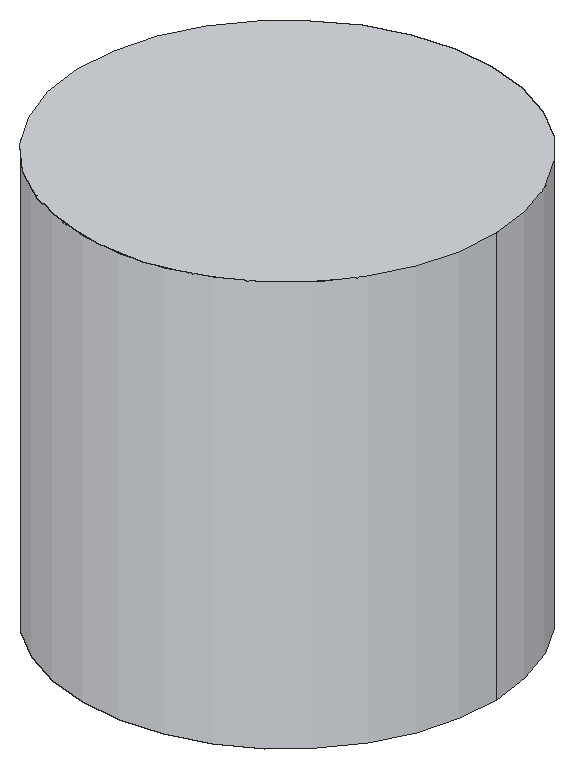
Revit family "ADSK_Error_Place", category Двери, Revit 2020
Family settings
  На основе рабочей плоскости = Нет
  Всегда вертикально = Да
  При загрузке вырезать с полостями = Нет
  Общий = Нет
  Точка расчета площади = Нет
Parameters
  Width [instance] = 500 mm
  Default Elevation = 0 mm
  Height [instance] = 500 mm
Reference planes
  plane 1 "По центру (Вперед/Назад)": y = 0
  plane 2: z = 0
  plane 3 "По центру (Влево/Вправо)": x = 0
Forms (mm)
  Extrusion 1, solid
    sketch origin (0, 0, 0) x (1, 0, 0) y (0, 1, 0)
      loop
        circle (0, 0) r 250
    from 0 to 500 <- "Height"
Dimensions and locks
  "Width": diameter of Extrusion 1 sketch curve
  aligned and locked: level to plane 2
Automatic sketch dimensions
  plane 1 "По центру (Вперед/Назад)" to Extrusion 1 sketch curve = 0 mm
  Extrusion 1 sketch curve to plane 3 "По центру (Влево/Вправо)" = 0 mm
